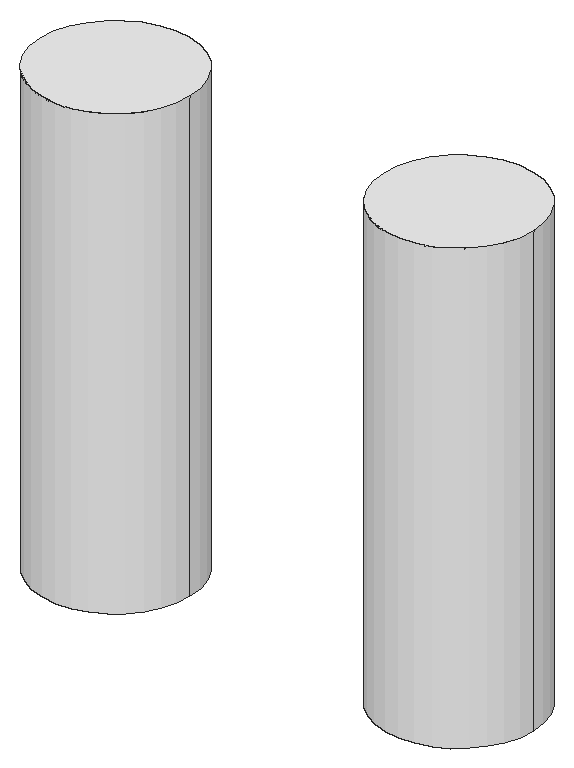
Revit family "92102009(2023)", category Plumbing Fixtures, Revit 2020
Family settings
  Round Connector Dimension = Use Diameter
  Part Type = Normal
  OmniClass Number = 23.45.55.00
  OmniClass Title = Sanitary Faucets, Wastes
  Work Plane-Based = No
  Always vertical = Yes
  Cut with Voids When Loaded = No
  Shared = No
  Room Calculation Point = No
Parameters (values of type "92102009 Washbasin faucet, 230/9 V, Bluetooth")
  Working Pressure = "100 - 1000 kPa"
  WarrantyStartDate [instance] = "n/a"
  WarrantyGuarantorParts = "n/a"
  WarrantyGuarantorLabor = "n/a"
  WarrantyDurationUnit = "Year"
  WarrantyDurationParts = "n/a"
  WarrantyDurationLabor = "n/a"
  WarrantyDescription = "http://warranty.hansa.com"
  Warranty Information URL = "http://warranty.hansa.com"
  VersionDate = "01/06/2023"
  Version = "1"
  ValvePattern = "n/a"
  ValveOperation = "n/a"
  ValveMechanism = "n/a"
  Uniclass2015Reference = "Pr_40_20_87_96"
  Uniclass2015Description = "Washbasin manual water supply sets"
  Uniclass2 = "Pr_40_30_96_96"
  URL WEEE = "http://static.hansa.com/WEEE/92102009"
  URL UWL = "http://static.hansa.com/UWL/92102009"
  URL REACH = "http://static.hansa.com/doc/reach"
  URL EcoLabel Declaration = "http://static.hansa.com/doc/EcoLabel"
  URL EU Packaging Declaration = "http://static.hansa.com/doc/packaging"
  URL Declaration of SCIP = "http://static.hansa.com/doc/SCIP"
  URL Declaration of Conformity = "http://static.hansa.com/DoC/92102009"
  URL Declaration of Asbestos = "http://static.hansa.com/doc/asbestos"
  URL Declaration Of Performance (DOP) = "http://static.hansa.com/doc/DoP"
  URL = ""
  UNSPSC Class Number = "30181700 Faucets or taps"
  Type Comments = ""
  TestPressure = "n/a"
  Temperature Adjustments = "Adjustable hot water stop (included, retrofittable)"
  Technical DataSheet URL = "http://www.hansa.com/datasheet/92102009/en"
  TagNumber [instance] = "n/a"
  SustainabilityPerformance = "n/a"
  Surface treatment = "Chrome"
  Spout Type = "Fixed spout"
  Spout Projection = "117 mm"
  Size = "70x165x135 mm"
  Shape = "Sculptured"
  SerialNumber [instance] = "n/a"
  Sales Package dimensions (LxWxH) = "284 x 191 x 83.5"
  Revision = "n/a"
  ReplacementCost = "n/a"
  Protection Class = "IP 55 / transformer IP 20"
  ProductInformation = "n/a"
  Product URL = "http://static.hansa.com/92102009"
  Product Image URL = "http://static.hansa.com/image/92102009"
  Product Family = "HANSAELECTRA Safety"
  Product Code = "92102009"
  OperatingMechanismMaterial = "n/a"
  Operating Voltage = 9 V
  Operating Distance = "20-130 mm (110/130/160 mm)"
  NominalWidth = 69.286 mm
  NominalHeight = 135.012 mm
  NominalDepth = 163.081 mm
  Noise Class = "I (ISO 3822) "
  Name_en = "92102009 Washbasin faucet, 230/9 V, Bluetooth"
  Name = "92102009 Washbasin faucet, 230/9 V, Bluetooth"
  NBSReference = "45-35-70/371"
  NBSDescription = "Water supply fittings for wash basins and troughs"
  Mounting Holes = "1 hole"
  ModelReference = "92102009"
  ModelNumber = "n/a"
  Model = "92102009 Washbasin faucet, 230/9 V, Bluetooth"
  Mobile Product Information URL = "http://mpi.hansa.com/92102009"
  Mechanical Parts = "Mixing valve for manual temperature control;Non-return valve(s);Litter filter(s)"
  Max. Hot Water Supply = 70 °C
  Max Flow Period = "2 min (1 - 1800 s)"
  Material = "Composite"
  Market = "International;Germany;Austria;Switzerland;Belgium;Italy"
  ManufacturerURL = "http://www.hansa.com"
  ManufacturerName = "HANSA"
  Manufacturer = "HANSA"
  Long Marketing = "Electra 92 series is giving you a whole new modern design with its rounded square body and spout. Giving you new fresh and updated design.\nDesign compliments the new trends of the modern bathroom with its more squared design.\n\nKey Features\nAerator with Tilt function +/- 10° for more flexible installation\nNewest Sensor technology for better detection and operation comfort\nBluetooth technology for easy adjustment to personalize settings \nAntiscalding protection\nTemperature measurement\nPower Plug"
  Lever Handle = "Temperature control handle"
  Keynote = ""
  InstallationDate [instance] = "n/a"
  Installation Type = "Deck mounted"
  InletConnectionSize = 10 mm
  IfcExportType = "FAUCET"  # constant formula
  IfcExportAs = "IfcValveType"  # constant formula
  Group = "Washbasin faucet"
  Grade = "n/a"
  FlowCoefficient = 0
  Flow Rate At 300kPa With Flow Controller = 0.09 L/s
  Flow Drawing URL = "http://static.hansa.com/flowchart/92102009"
  Finish = "Polished"
  Features = "Touchless;Plug transformer;Bluetooth®;Lead free"
  FaucetMainMaterial = Brass
  FDV Document URL = "http://www.hansa.com/datasheet/92102009/en/fdv"
  ExpectedLife = "n/a"
  Electronic Parts = ";Power supply;Light indicated function(s)"
  Electrical Connection = "230 / 9 V"
  ETIM Class Number = "EC010340 Electronic tap"
  EN Standard = "EN 15091"
  EMC Directive = "2014/53/EU , 2011/65/EU"
  EAN Number = "4057304019371"
  DurationUnit = "Year"
  Dimension Drawing URL = "http://static.hansa.com/dimdrw/92102009"
  Description = ""
  DefaultElevation [instance] = 900 mm
  Default Elevation = 0 mm
  Constituents = "n/a"
  Connection Size = "G3/8"
  Connection = "Flexible inlet pipes"
  Color = "Chrome"
  CodePerformance = "n/a"
  CloseOffRating = 0
  Catalog Drawing URL = "http://static.hansa.com/catdrw/92102009"
  Brand = "HANSA"
  BodyMaterial = "Brass"
  Bluetooth = "5.x (D060576)"
  Barcode [instance] = "n/a"
  Backflow Prevention EN1717 = "EB"
  BIMObjectName = "92102009(2023)"
  Automatic Flush Period = "30 s (1-1800 s)"
  Automatic Flush Frequency = "off (off/1-120 h)"
  Author = "BIMStone"
  AssetType = "Fixed"
  AssetIdentifier [instance] = "n/a"
  Afterflow Period = "3 s (1-20 s)"
  Aerator = "PCA® - constant flow rate regardless of pressure variations;Adjustable flow angle"
  Advanced Features = "3S-installation system for safe and simple mounting"
  AccessibilityPerformance = "n/a"
  2D/3D/BIM Files URL = "http://static.hansa.com/bim/92102009"
Reference planes
  plane 1 "Center (Front/Back)": y = 0
  plane 2: z = 0
  plane 3 "Center (Left/Right)": x = 0
  plane 4: x = -27.304
  plane 5: z = 900
  plane 6: z = 870
  plane 7: y = -163.081
  plane 8: x = 27.304
  plane 9: z = 1035.012
  plane 10: x = 41.982
Forms (mm)
  Extrusion 1, solid, material "Brass" <- "FaucetMainMaterial"
    sketch origin (0, -2.393, 0) x (1, 0, 0) y (0, 1, 0)
      loop
        circle (-11.5, -22.5) r 5
      loop
        circle (11.5, -22.5) r 5
    from 870 to 900
Dimensions and locks
  "DefaultElevation": plane 5 to level
  locked: plane 5 to plane 6 at 30
  "NominalDepth": plane 7 to plane 1 "Center (Front/Back)"
  equal spacing: plane 4, plane 3 "Center (Left/Right)", plane 8
  "NominalHeight": plane 9 to plane 5
  locked: plane 8 to plane 10 at 14.678
  "NominalWidth": plane 4 to plane 10
  "InletConnectionSize": diameter of Extrusion 1 sketch curve  (x2)
  aligned and locked: level to plane 2
  aligned and locked: plane 5 to Extrusion 1
  aligned and locked: Extrusion 1 to plane 6
  aligned and locked: plane 1 "Center (Front/Back)" to nested 2
  aligned and locked: plane 3 "Center (Left/Right)" to nested 2
  aligned and locked: plane 3 "Center (Left/Right)" to nested 1
  aligned and locked: plane 1 "Center (Front/Back)" to nested 1
  aligned and locked: plane 5 to nested 2
Automatic sketch dimensions
  Extrusion 1 sketch curve to plane 3 "Center (Left/Right)" = 11.5 mm
  plane 3 "Center (Left/Right)" to Extrusion 1 sketch curve = 11.5 mm
  plane 1 "Center (Front/Back)" to Extrusion 1 sketch curve = 24.893 mm
  Extrusion 1 sketch curve to Extrusion 1 sketch curve = 0 mm
Nested families
  nested 1: "Symbol" at (0, 0, 0), type "Symbol", detail levels coarse
  nested 2: "92102009(2023)_Body" at (0, 0, 900), Material <- "FaucetMainMaterial", type "92102009(2023)_Body"
    with Material Brass
Connectors
  piping at (-11.5, -24.893, 870), diameter 10, driven by "InletConnectionSize"
    settings: on Extrusion 1, index 1, connector inside diameter 609.6 mm, connector length 0 mm, flow factor 0, pipe flow 0.2 L/s, pressure drop 0.0 Pa, fitting loss kfactor 0, connector angle 0.00°, fixture units 0, engagement length 0 mm, angle of deflection 0.00°, flow configuration 1, flow direction 1, fitting loss method 0, system type 19, joint type 0, gender type 0, connector reference index -1, connector utility 0, adjustable connector no, is connector primary yes, connector description ""
  piping at (11.5, -24.893, 870), diameter 10, driven by "InletConnectionSize"
    settings: on Extrusion 1, index 2, connector inside diameter 609.6 mm, connector length 0 mm, flow factor 0, pipe flow 0.2 L/s, pressure drop 0.0 Pa, fitting loss kfactor 0, connector angle 0.00°, fixture units 0, engagement length 0 mm, angle of deflection 0.00°, flow configuration 1, flow direction 1, fitting loss method 0, system type 20, joint type 0, gender type 0, connector reference index -1, connector utility 0, adjustable connector no, is connector primary no, connector description ""
Definition of nested family "Symbol"
  Reference planes
    plane 1: y = 0
    plane 2: x = 0
  Lines and regions (mm)
    detail lines
      curve 1: line (0, 0, 0) -> (0, -1.8, 0)
      curve 2: line (-0.4, -1.1, 0) -> (0.4, -1.1, 0)
      curve 3: line (-0.4, -1.4, 0) -> (0.4, -1.4, 0)
      curve 4: line (0.863, 0, 0) -> (-0.863, 0, 0)
      curve 5: circle (-1.163, 0, 0) r 0.3 normal (0, 0, -1)
      curve 6: circle (1.163, 0, 0) r 0.3 normal (0, 0, 1)
